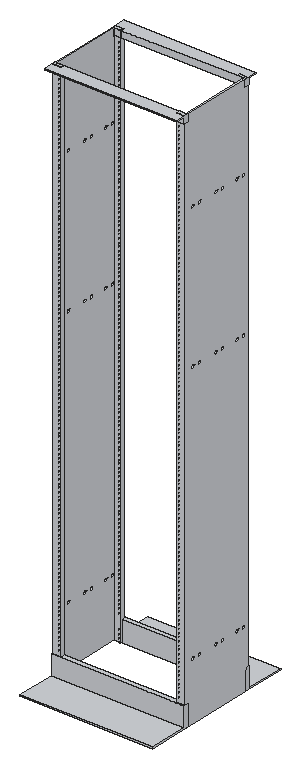
Revit family
Parameters
  Material ID = "760082511"
  Description = "12 IN (305 MM) CHANNEL X 7FT (2134 MM) H - 19 IN (482.6 MM) AI EQUIPMENT RACK (45U) 12-24 TAPPED RAILS, BLACK"
Reference planes (in)
  plane 1 "Center (Front/Back)": y = 0
  plane 2: z = 0
  plane 3 "Center (Left/Right)": x = 0
Forms (in)
  Extrusion 1, solid, not visible
    sketch origin (0, -14.305, 0) x (1, 0, 0) y (0, 0, 1)
      loop
        line (-8.5516, 0.86) -> (-8.5516, 0.46) -> (-7.9516, 0.46) -> (-7.9516, 0.86) -> (-8.5516, 0.86)
    from 0 to 0.77696
  Extrusion 2, solid
    sketch origin (0, 0, 0) x (1, 0, 0) y (0, 0, 1)
      loop
        line (-10.155, 42) -> (-10.155, -42) -> (10.155, -42) -> (10.155, 42) -> (0, 42) -> (-10.155, 42)
    from 0 to 12
  Extrusion 3, void
    sketch origin (0, 0, 0) x (1, 0, 0) y (0, 0, 1)
      loop
        line (-8.905, 52.735) -> (-8.905, -50.62) -> (8.905, -50.62) -> (8.905, 52.735) -> (-8.905, 52.735)
    from 0 to 36
  Extrusion 4, solid
    sketch origin (0, 0, 0) x (0, 1, 0) y (0, 0, 1)
      loop
        line (-11.5, -42) -> (-11.5, -38.8) -> (-12.2, -38.8) -> (-12.2, -41.8) -> (-18.2, -41.8) -> (-18.2, -42) -> (-11.5, -42)
      loop
        line (-11.5, 42) -> (-13.575, 42) -> (-13.575, 41.8) -> (-12.2, 41.8) -> (-12.2, 40.94396) -> (-11.5, 40.94396) -> (-11.5, 42)
      loop
        line (-0.65329, 42) -> (-0.65329, 40.94396) -> (0.2, 40.94396) -> (0.2, 41.8) -> (1.575, 41.8) -> (1.575, 42) -> (-0.65329, 42)
      loop
        line (-0.39397, -42) -> (6.2, -42) -> (6.2, -41.8) -> (0.2, -41.8) -> (0.2, -38.8) -> (-0.39397, -38.8) -> (-0.39397, -42)
    from -10.155 to 10.155
  Extrusion 5, void
    sketch origin (0, 0, 0) x (0, 1, 0) y (0, 0, 1)
      loop
        circle (-4.875, -33) r 0.335
      loop
        circle (-6.125, -33) r 0.335
      loop
        circle (-4.875, 7) r 0.335
      loop
        circle (-6.125, 7) r 0.335
      loop
        circle (-4.875, 29) r 0.335
      loop
        circle (-6.125, 29) r 0.335
      loop
        circle (-0.875, -33) r 0.335
      loop
        circle (-2.125, -33) r 0.335
      loop
        circle (-0.875, 7) r 0.335
      loop
        circle (-2.125, 7) r 0.335
      loop
        circle (-0.875, 29) r 0.335
      loop
        circle (-2.125, 29) r 0.335
      loop
        circle (-9.32544, -33) r 0.335
      loop
        circle (-10.57544, -33) r 0.335
      loop
        circle (-9.32544, 7) r 0.335
      loop
        circle (-10.57544, 7) r 0.335
      loop
        circle (-9.32544, 29) r 0.335
      loop
        circle (-10.57544, 29) r 0.335
    from -24.88707 to 25.18322
  Extrusion 6, void
    sketch origin (0, 0, -12.25) x (1, 0, 0) y (0, 0, 1)
      loop
        circle (-9.175, 52.515) r 0.089
      loop
        circle (-9.175, 51.89) r 0.089
      loop
        circle (-9.175, 51.265) r 0.089
      loop
        circle (9.175, 52.515) r 0.089
      loop
        circle (9.175, 51.89) r 0.089
      loop
        circle (9.175, 51.265) r 0.089
    from 0 to 36
  Extrusion 7, void
    sketch origin (0, 0, -14) x (1, 0, 0) y (0, 0, 1)
      loop
        circle (-9.175, 52.515) r 0.089
      loop
        circle (-9.175, 51.89) r 0.089
      loop
        circle (-9.175, 51.265) r 0.089
      loop
        circle (9.175, 52.515) r 0.089
      loop
        circle (9.175, 51.89) r 0.089
      loop
        circle (9.175, 51.265) r 0.089
    from 0 to 36
  Extrusion 8, void
    sketch origin (0, 0, -15.75) x (1, 0, 0) y (0, 0, 1)
      loop
        circle (-9.175, 52.515) r 0.089
      loop
        circle (-9.175, 51.89) r 0.089
      loop
        circle (-9.175, 51.265) r 0.089
      loop
        circle (9.175, 52.515) r 0.089
      loop
        circle (9.175, 51.89) r 0.089
      loop
        circle (9.175, 51.265) r 0.089
    from 0 to 36
  Extrusion 9, void
    sketch origin (0, 0, -17.5) x (1, 0, 0) y (0, 0, 1)
      loop
        circle (-9.175, 52.515) r 0.089
      loop
        circle (-9.175, 51.89) r 0.089
      loop
        circle (-9.175, 51.265) r 0.089
      loop
        circle (9.175, 52.515) r 0.089
      loop
        circle (9.175, 51.89) r 0.089
      loop
        circle (9.175, 51.265) r 0.089
    from 0 to 36
  Extrusion 10, void
    sketch origin (0, 0, -19.25) x (1, 0, 0) y (0, 0, 1)
      loop
        circle (-9.175, 52.515) r 0.089
      loop
        circle (-9.175, 51.89) r 0.089
      loop
        circle (-9.175, 51.265) r 0.089
      loop
        circle (9.175, 52.515) r 0.089
      loop
        circle (9.175, 51.89) r 0.089
      loop
        circle (9.175, 51.265) r 0.089
    from 0 to 36
  Extrusion 11, void
    sketch origin (0, 0, -21) x (1, 0, 0) y (0, 0, 1)
      loop
        circle (-9.175, 52.515) r 0.089
      loop
        circle (-9.175, 51.89) r 0.089
      loop
        circle (-9.175, 51.265) r 0.089
      loop
        circle (9.175, 52.515) r 0.089
      loop
        circle (9.175, 51.89) r 0.089
      loop
        circle (9.175, 51.265) r 0.089
    from 0 to 36
  Extrusion 12, void
    sketch origin (0, 0, -22.75) x (1, 0, 0) y (0, 0, 1)
      loop
        circle (-9.175, 52.515) r 0.089
      loop
        circle (-9.175, 51.89) r 0.089
      loop
        circle (-9.175, 51.265) r 0.089
      loop
        circle (9.175, 52.515) r 0.089
      loop
        circle (9.175, 51.89) r 0.089
      loop
        circle (9.175, 51.265) r 0.089
    from 0 to 36
  Extrusion 13, void
    sketch origin (0, 0, -24.5) x (1, 0, 0) y (0, 0, 1)
      loop
        circle (-9.175, 52.515) r 0.089
      loop
        circle (-9.175, 51.89) r 0.089
      loop
        circle (-9.175, 51.265) r 0.089
      loop
        circle (9.175, 52.515) r 0.089
      loop
        circle (9.175, 51.89) r 0.089
      loop
        circle (9.175, 51.265) r 0.089
    from 0 to 36
  Extrusion 14, void
    sketch origin (0, 0, -26.25) x (1, 0, 0) y (0, 0, 1)
      loop
        circle (-9.175, 52.515) r 0.089
      loop
        circle (-9.175, 51.89) r 0.089
      loop
        circle (-9.175, 51.265) r 0.089
      loop
        circle (9.175, 52.515) r 0.089
      loop
        circle (9.175, 51.89) r 0.089
      loop
        circle (9.175, 51.265) r 0.089
    from 0 to 36
  Extrusion 15, void
    sketch origin (0, 0, -28) x (1, 0, 0) y (0, 0, 1)
      loop
        circle (-9.175, 52.515) r 0.089
      loop
        circle (-9.175, 51.89) r 0.089
      loop
        circle (-9.175, 51.265) r 0.089
      loop
        circle (9.175, 52.515) r 0.089
      loop
        circle (9.175, 51.89) r 0.089
      loop
        circle (9.175, 51.265) r 0.089
    from 0 to 36
  Extrusion 16, void
    sketch origin (0, 0, -29.75) x (1, 0, 0) y (0, 0, 1)
      loop
        circle (-9.175, 52.515) r 0.089
      loop
        circle (-9.175, 51.89) r 0.089
      loop
        circle (-9.175, 51.265) r 0.089
      loop
        circle (9.175, 52.515) r 0.089
      loop
        circle (9.175, 51.89) r 0.089
      loop
        circle (9.175, 51.265) r 0.089
    from 0 to 36
  Extrusion 17, void
    sketch origin (0, 0, -31.5) x (1, 0, 0) y (0, 0, 1)
      loop
        circle (-9.175, 52.515) r 0.089
      loop
        circle (-9.175, 51.89) r 0.089
      loop
        circle (-9.175, 51.265) r 0.089
      loop
        circle (9.175, 52.515) r 0.089
      loop
        circle (9.175, 51.89) r 0.089
      loop
        circle (9.175, 51.265) r 0.089
    from 0 to 36
  Extrusion 18, void
    sketch origin (0, 0, -33.25) x (1, 0, 0) y (0, 0, 1)
      loop
        circle (-9.175, 52.515) r 0.089
      loop
        circle (-9.175, 51.89) r 0.089
      loop
        circle (-9.175, 51.265) r 0.089
      loop
        circle (9.175, 52.515) r 0.089
      loop
        circle (9.175, 51.89) r 0.089
      loop
        circle (9.175, 51.265) r 0.089
    from 0 to 36
  Extrusion 19, void
    sketch origin (0, 0, -35) x (1, 0, 0) y (0, 0, 1)
      loop
        circle (-9.175, 52.515) r 0.089
      loop
        circle (-9.175, 51.89) r 0.089
      loop
        circle (-9.175, 51.265) r 0.089
      loop
        circle (9.175, 52.515) r 0.089
      loop
        circle (9.175, 51.89) r 0.089
      loop
        circle (9.175, 51.265) r 0.089
    from 0 to 36
  Extrusion 20, void
    sketch origin (0, 0, -36.75) x (1, 0, 0) y (0, 0, 1)
      loop
        circle (-9.175, 52.515) r 0.089
      loop
        circle (-9.175, 51.89) r 0.089
      loop
        circle (-9.175, 51.265) r 0.089
      loop
        circle (9.175, 52.515) r 0.089
      loop
        circle (9.175, 51.89) r 0.089
      loop
        circle (9.175, 51.265) r 0.089
    from 0 to 36
  Extrusion 21, void
    sketch origin (0, 0, -38.5) x (1, 0, 0) y (0, 0, 1)
      loop
        circle (-9.175, 52.515) r 0.089
      loop
        circle (-9.175, 51.89) r 0.089
      loop
        circle (-9.175, 51.265) r 0.089
      loop
        circle (9.175, 52.515) r 0.089
      loop
        circle (9.175, 51.89) r 0.089
      loop
        circle (9.175, 51.265) r 0.089
    from 0 to 36
  Extrusion 22, void
    sketch origin (0, 0, -40.25) x (1, 0, 0) y (0, 0, 1)
      loop
        circle (-9.175, 52.515) r 0.089
      loop
        circle (-9.175, 51.89) r 0.089
      loop
        circle (-9.175, 51.265) r 0.089
      loop
        circle (9.175, 52.515) r 0.089
      loop
        circle (9.175, 51.89) r 0.089
      loop
        circle (9.175, 51.265) r 0.089
    from 0 to 36
  Extrusion 23, void
    sketch origin (0, 0, -42) x (1, 0, 0) y (0, 0, 1)
      loop
        circle (-9.175, 52.515) r 0.089
      loop
        circle (-9.175, 51.89) r 0.089
      loop
        circle (-9.175, 51.265) r 0.089
      loop
        circle (9.175, 52.515) r 0.089
      loop
        circle (9.175, 51.89) r 0.089
      loop
        circle (9.175, 51.265) r 0.089
    from 0 to 36
  Extrusion 24, void
    sketch origin (0, 0, -43.75) x (1, 0, 0) y (0, 0, 1)
      loop
        circle (-9.175, 52.515) r 0.089
      loop
        circle (-9.175, 51.89) r 0.089
      loop
        circle (-9.175, 51.265) r 0.089
      loop
        circle (9.175, 52.515) r 0.089
      loop
        circle (9.175, 51.89) r 0.089
      loop
        circle (9.175, 51.265) r 0.089
    from 0 to 36
  Extrusion 25, void
    sketch origin (0, 0, -45.5) x (1, 0, 0) y (0, 0, 1)
      loop
        circle (-9.175, 52.515) r 0.089
      loop
        circle (-9.175, 51.89) r 0.089
      loop
        circle (-9.175, 51.265) r 0.089
      loop
        circle (9.175, 52.515) r 0.089
      loop
        circle (9.175, 51.89) r 0.089
      loop
        circle (9.175, 51.265) r 0.089
    from 0 to 36
  Extrusion 26, void
    sketch origin (0, 0, -47.25) x (1, 0, 0) y (0, 0, 1)
      loop
        circle (-9.175, 52.515) r 0.089
      loop
        circle (-9.175, 51.89) r 0.089
      loop
        circle (-9.175, 51.265) r 0.089
      loop
        circle (9.175, 52.515) r 0.089
      loop
        circle (9.175, 51.89) r 0.089
      loop
        circle (9.175, 51.265) r 0.089
    from 0 to 36
  Extrusion 27, void
    sketch origin (0, 0, -49) x (1, 0, 0) y (0, 0, 1)
      loop
        circle (-9.175, 52.515) r 0.089
      loop
        circle (-9.175, 51.89) r 0.089
      loop
        circle (-9.175, 51.265) r 0.089
      loop
        circle (9.175, 52.515) r 0.089
      loop
        circle (9.175, 51.89) r 0.089
      loop
        circle (9.175, 51.265) r 0.089
    from 0 to 36
  Extrusion 28, void
    sketch origin (0, 0, -50.75) x (1, 0, 0) y (0, 0, 1)
      loop
        circle (-9.175, 52.515) r 0.089
      loop
        circle (-9.175, 51.89) r 0.089
      loop
        circle (-9.175, 51.265) r 0.089
      loop
        circle (9.175, 52.515) r 0.089
      loop
        circle (9.175, 51.89) r 0.089
      loop
        circle (9.175, 51.265) r 0.089
    from 0 to 36
  Extrusion 29, void
    sketch origin (0, 0, -52.5) x (1, 0, 0) y (0, 0, 1)
      loop
        circle (-9.175, 52.515) r 0.089
      loop
        circle (-9.175, 51.89) r 0.089
      loop
        circle (-9.175, 51.265) r 0.089
      loop
        circle (9.175, 52.515) r 0.089
      loop
        circle (9.175, 51.89) r 0.089
      loop
        circle (9.175, 51.265) r 0.089
    from 0 to 36
  Extrusion 30, void
    sketch origin (0, 0, -54.25) x (1, 0, 0) y (0, 0, 1)
      loop
        circle (-9.175, 52.515) r 0.089
      loop
        circle (-9.175, 51.89) r 0.089
      loop
        circle (-9.175, 51.265) r 0.089
      loop
        circle (9.175, 52.515) r 0.089
      loop
        circle (9.175, 51.89) r 0.089
      loop
        circle (9.175, 51.265) r 0.089
    from 0 to 36
  Extrusion 31, void
    sketch origin (0, 0, -56) x (1, 0, 0) y (0, 0, 1)
      loop
        circle (-9.175, 52.515) r 0.089
      loop
        circle (-9.175, 51.89) r 0.089
      loop
        circle (-9.175, 51.265) r 0.089
      loop
        circle (9.175, 52.515) r 0.089
      loop
        circle (9.175, 51.89) r 0.089
      loop
        circle (9.175, 51.265) r 0.089
    from 0 to 36
  Extrusion 32, void
    sketch origin (0, 0, -57.75) x (1, 0, 0) y (0, 0, 1)
      loop
        circle (-9.175, 52.515) r 0.089
      loop
        circle (-9.175, 51.89) r 0.089
      loop
        circle (-9.175, 51.265) r 0.089
      loop
        circle (9.175, 52.515) r 0.089
      loop
        circle (9.175, 51.89) r 0.089
      loop
        circle (9.175, 51.265) r 0.089
    from 0 to 36
  Extrusion 33, void
    sketch origin (0, 0, -59.5) x (1, 0, 0) y (0, 0, 1)
      loop
        circle (-9.175, 52.515) r 0.089
      loop
        circle (-9.175, 51.89) r 0.089
      loop
        circle (-9.175, 51.265) r 0.089
      loop
        circle (9.175, 52.515) r 0.089
      loop
        circle (9.175, 51.89) r 0.089
      loop
        circle (9.175, 51.265) r 0.089
    from 0 to 36
  Extrusion 34, void
    sketch origin (0, 0, -61.25) x (1, 0, 0) y (0, 0, 1)
      loop
        circle (-9.175, 52.515) r 0.089
      loop
        circle (-9.175, 51.89) r 0.089
      loop
        circle (-9.175, 51.265) r 0.089
      loop
        circle (9.175, 52.515) r 0.089
      loop
        circle (9.175, 51.89) r 0.089
      loop
        circle (9.175, 51.265) r 0.089
    from 0 to 36
  Extrusion 35, void
    sketch origin (0, 0, -63) x (1, 0, 0) y (0, 0, 1)
      loop
        circle (-9.175, 52.515) r 0.089
      loop
        circle (-9.175, 51.89) r 0.089
      loop
        circle (-9.175, 51.265) r 0.089
      loop
        circle (9.175, 52.515) r 0.089
      loop
        circle (9.175, 51.89) r 0.089
      loop
        circle (9.175, 51.265) r 0.089
    from 0 to 36
  Extrusion 36, void
    sketch origin (0, 0, -64.75) x (1, 0, 0) y (0, 0, 1)
      loop
        circle (-9.175, 52.515) r 0.089
      loop
        circle (-9.175, 51.89) r 0.089
      loop
        circle (-9.175, 51.265) r 0.089
      loop
        circle (9.175, 52.515) r 0.089
      loop
        circle (9.175, 51.89) r 0.089
      loop
        circle (9.175, 51.265) r 0.089
    from 0 to 36
  Extrusion 37, void
    sketch origin (0, 0, -66.5) x (1, 0, 0) y (0, 0, 1)
      loop
        circle (-9.175, 52.515) r 0.089
      loop
        circle (-9.175, 51.89) r 0.089
      loop
        circle (-9.175, 51.265) r 0.089
      loop
        circle (9.175, 52.515) r 0.089
      loop
        circle (9.175, 51.89) r 0.089
      loop
        circle (9.175, 51.265) r 0.089
    from 0 to 36
  Extrusion 38, void
    sketch origin (0, 0, -68.25) x (1, 0, 0) y (0, 0, 1)
      loop
        circle (-9.175, 52.515) r 0.089
      loop
        circle (-9.175, 51.89) r 0.089
      loop
        circle (-9.175, 51.265) r 0.089
      loop
        circle (9.175, 52.515) r 0.089
      loop
        circle (9.175, 51.89) r 0.089
      loop
        circle (9.175, 51.265) r 0.089
    from 0 to 36
  Extrusion 39, void
    sketch origin (0, 0, -70) x (1, 0, 0) y (0, 0, 1)
      loop
        circle (-9.175, 52.515) r 0.089
      loop
        circle (-9.175, 51.89) r 0.089
      loop
        circle (-9.175, 51.265) r 0.089
      loop
        circle (9.175, 52.515) r 0.089
      loop
        circle (9.175, 51.89) r 0.089
      loop
        circle (9.175, 51.265) r 0.089
    from 0 to 36
  Extrusion 40, void
    sketch origin (0, 0, -71.75) x (1, 0, 0) y (0, 0, 1)
      loop
        circle (-9.175, 52.515) r 0.089
      loop
        circle (-9.175, 51.89) r 0.089
      loop
        circle (-9.175, 51.265) r 0.089
      loop
        circle (9.175, 52.515) r 0.089
      loop
        circle (9.175, 51.89) r 0.089
      loop
        circle (9.175, 51.265) r 0.089
    from 0 to 36
  Extrusion 41, void
    sketch origin (0, 0, -73.5) x (1, 0, 0) y (0, 0, 1)
      loop
        circle (-9.175, 52.515) r 0.089
      loop
        circle (-9.175, 51.89) r 0.089
      loop
        circle (-9.175, 51.265) r 0.089
      loop
        circle (9.175, 52.515) r 0.089
      loop
        circle (9.175, 51.89) r 0.089
      loop
        circle (9.175, 51.265) r 0.089
    from 0 to 36
  Extrusion 42, void
    sketch origin (0, 0, -75.25) x (1, 0, 0) y (0, 0, 1)
      loop
        circle (-9.175, 52.515) r 0.089
      loop
        circle (-9.175, 51.89) r 0.089
      loop
        circle (-9.175, 51.265) r 0.089
      loop
        circle (9.175, 52.515) r 0.089
      loop
        circle (9.175, 51.89) r 0.089
      loop
        circle (9.175, 51.265) r 0.089
    from 0 to 36
  Extrusion 43, void
    sketch origin (0, 0, -77) x (1, 0, 0) y (0, 0, 1)
      loop
        circle (-9.175, 52.515) r 0.089
      loop
        circle (-9.175, 51.89) r 0.089
      loop
        circle (-9.175, 51.265) r 0.089
      loop
        circle (9.175, 52.515) r 0.089
      loop
        circle (9.175, 51.89) r 0.089
      loop
        circle (9.175, 51.265) r 0.089
    from 0 to 36
  Extrusion 44, void
    sketch origin (0, 0, -78.75) x (1, 0, 0) y (0, 0, 1)
      loop
        circle (-9.175, 52.515) r 0.089
      loop
        circle (-9.175, 51.89) r 0.089
      loop
        circle (-9.175, 51.265) r 0.089
      loop
        circle (9.175, 52.515) r 0.089
      loop
        circle (9.175, 51.89) r 0.089
      loop
        circle (9.175, 51.265) r 0.089
    from 0 to 36
  Extrusion 45, void
    sketch origin (0, 0, -80.5) x (1, 0, 0) y (0, 0, 1)
      loop
        circle (-9.175, 52.515) r 0.089
      loop
        circle (-9.175, 51.89) r 0.089
      loop
        circle (-9.175, 51.265) r 0.089
      loop
        circle (9.175, 52.515) r 0.089
      loop
        circle (9.175, 51.89) r 0.089
      loop
        circle (9.175, 51.265) r 0.089
    from 0 to 36
  Extrusion 46, void
    sketch origin (0, 0, -82.25) x (1, 0, 0) y (0, 0, 1)
      loop
        circle (-9.175, 52.515) r 0.089
      loop
        circle (-9.175, 51.89) r 0.089
      loop
        circle (-9.175, 51.265) r 0.089
      loop
        circle (9.175, 52.515) r 0.089
      loop
        circle (9.175, 51.89) r 0.089
      loop
        circle (9.175, 51.265) r 0.089
    from 0 to 36
  Extrusion 47, void
    sketch origin (0, 0, -84) x (1, 0, 0) y (0, 0, 1)
      loop
        circle (-9.175, 52.515) r 0.089
      loop
        circle (-9.175, 51.89) r 0.089
      loop
        circle (-9.175, 51.265) r 0.089
      loop
        circle (9.175, 52.515) r 0.089
      loop
        circle (9.175, 51.89) r 0.089
      loop
        circle (9.175, 51.265) r 0.089
    from 0 to 36
  Extrusion 48, void
    sketch origin (0, 0, -85.75) x (1, 0, 0) y (0, 0, 1)
      loop
        circle (-9.175, 52.515) r 0.089
      loop
        circle (-9.175, 51.89) r 0.089
      loop
        circle (-9.175, 51.265) r 0.089
      loop
        circle (9.175, 52.515) r 0.089
      loop
        circle (9.175, 51.89) r 0.089
      loop
        circle (9.175, 51.265) r 0.089
    from 0 to 36
  Extrusion 49, void
    sketch origin (0, 0, -87.5) x (1, 0, 0) y (0, 0, 1)
      loop
        circle (-9.175, 52.515) r 0.089
      loop
        circle (-9.175, 51.89) r 0.089
      loop
        circle (-9.175, 51.265) r 0.089
      loop
        circle (9.175, 52.515) r 0.089
      loop
        circle (9.175, 51.89) r 0.089
      loop
        circle (9.175, 51.265) r 0.089
    from 0 to 36
  Extrusion 50, void
    sketch origin (0, 0, -89.25) x (1, 0, 0) y (0, 0, 1)
      loop
        circle (-9.175, 52.515) r 0.089
      loop
        circle (-9.175, 51.89) r 0.089
      loop
        circle (-9.175, 51.265) r 0.089
      loop
        circle (9.175, 52.515) r 0.089
      loop
        circle (9.175, 51.89) r 0.089
      loop
        circle (9.175, 51.265) r 0.089
    from 0 to 36
  Extrusion 51, void
    sketch origin (0, 0, -92.75) x (1, 0, 0) y (0, 0, 1)
      loop
        circle (-9.175, 52.515) r 0.089
      loop
        circle (-9.175, 51.89) r 0.089
      loop
        circle (-9.175, 51.265) r 0.089
      loop
        circle (9.175, 52.515) r 0.089
      loop
        circle (9.175, 51.89) r 0.089
      loop
        circle (9.175, 51.265) r 0.089
    from 0 to 12
  Extrusion 52, void
    sketch origin (0, 0, -94.5) x (1, 0, 0) y (0, 0, 1)
      loop
        circle (-9.175, 52.515) r 0.089
      loop
        circle (-9.175, 51.89) r 0.089
      loop
        circle (-9.175, 51.265) r 0.089
      loop
        circle (9.175, 52.515) r 0.089
      loop
        circle (9.175, 51.89) r 0.089
      loop
        circle (9.175, 51.265) r 0.089
    from 0 to 12
  Extrusion 53, void
    sketch origin (0, -12, 42) x (1, 0, 0) y (0, -1, 0)
      loop
        line (-9.92376, -11.5) -> (9.88674, -11.5) -> (9.88674, -0.5) -> (-9.92376, -0.5) -> (-9.92376, -11.5)
    from 0 to 103.50785
Cuts and joins
  Extrusion 3, Extrusion 5, Extrusion 6, Extrusion 7, Extrusion 8, Extrusion 9, Extrusion 10, Extrusion 11, Extrusion 12, Extrusion 13, Extrusion 14, Extrusion 15, Extrusion 16, Extrusion 17, Extrusion 18, Extrusion 19, Extrusion 20, Extrusion 21, Extrusion 22, Extrusion 23, Extrusion 24, Extrusion 25, Extrusion 26, Extrusion 27, Extrusion 28, Extrusion 29, Extrusion 30, Extrusion 31, Extrusion 32, Extrusion 33, Extrusion 34, Extrusion 35, Extrusion 36, Extrusion 37, Extrusion 38, Extrusion 39, Extrusion 40, Extrusion 41, Extrusion 42, Extrusion 43, Extrusion 44, Extrusion 45, Extrusion 46, Extrusion 47, Extrusion 48, Extrusion 49, Extrusion 50, Extrusion 51, Extrusion 52, Extrusion 53 cuts Extrusion 2
  Extrusion 5, Extrusion 6, Extrusion 7, Extrusion 8, Extrusion 9, Extrusion 10, Extrusion 11, Extrusion 12, Extrusion 13, Extrusion 14, Extrusion 15, Extrusion 16, Extrusion 17, Extrusion 18, Extrusion 19, Extrusion 20, Extrusion 21, Extrusion 22, Extrusion 23, Extrusion 24, Extrusion 25, Extrusion 26, Extrusion 27, Extrusion 28, Extrusion 29, Extrusion 30, Extrusion 31, Extrusion 32, Extrusion 33, Extrusion 34, Extrusion 35, Extrusion 36, Extrusion 37, Extrusion 38, Extrusion 39, Extrusion 40, Extrusion 41, Extrusion 42, Extrusion 43, Extrusion 44, Extrusion 45, Extrusion 46, Extrusion 47, Extrusion 48, Extrusion 49, Extrusion 50, Extrusion 51, Extrusion 52, Extrusion 53 cuts Extrusion 4
